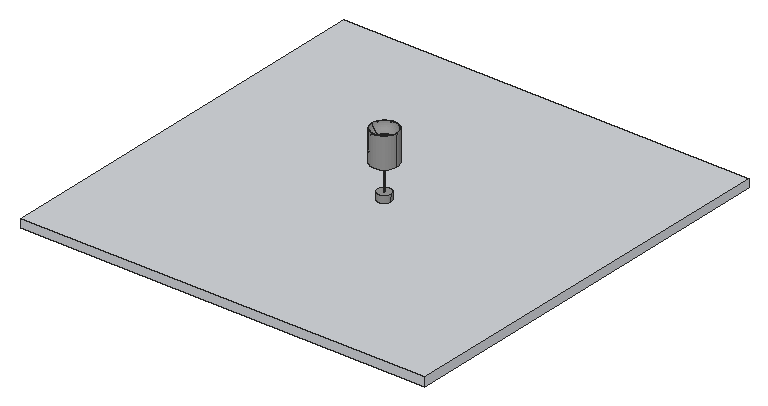
Revit family "LAMP_KOMBIC 150 SURFACE TW OPAL", category Luminarias, Revit 2018
Family settings
  Anfitrión = Cara
  Cota de conector redondo = Diámetro de uso
  Tipo de pieza = Normal
  Corte con vacíos al cargar = No
  Origen de luz = Sí
  Compartido = No
  Punto de cálculo de habitación = No
Parameters (values of type "1727LM 2700-5000K DALI M/B")
  Ángulo de inclinación = -90.00°
  Weight = 1.588 kg
  UGR = ""
  Type = "COB BRIDGELUX"
  Protection rating = "IP40"
  Product datasheet = "http://www.lamp.es/product-files/TECH/K21SF3040OP9TWDMB-EN.pdf"
  Product code = "K21SF3040OP9TWDMB"
  Product URL = "https://www.lamp.es/en/family/kombic-surface_474354"
  Power Supply = "220-240V 50/60Hz"
  Power = 20 W
  Plum = 23.6 W
  Modelo = Product code  # "K21SF3040OP9TWDMB"
  Model explanation = "Possibility of chossing between surface or suspended within the model"
  Material reflector = LAMP_PC Reflector Kombic Metalizado Negro
  Material floron = LAMP_Plástico genérico NG
  Material difusor = LAMP_PMMA Difusor Kombic
  Material cuerpo = LAMP_Plástico genérico NG
  Material cable suspension = LAMP_Acero genérico
  Manufacturer name = "LAMP"
  Manufacturer country = "Spain"
  Manufacturer URL = "http://www.lamp.es/en"
  MacAdam = "3"
  Luminaire type = "Suspended"
  Last update = "14/10/2021"
  Lamp = "COB LED"
  LED Lifetime = "50.000 L80 B10"
  Insulation class = "II"
  Installation instructions = "https://www.lamp.es/product-files/packed/by-family/474354_INS_all.zip"
  Initial color = "2700-5000"
  IEE = "A"
  Height suspension [instance] = 200 mm
  Height distance [instance] = if(Surface, 0.1 mm, if(Ceiling rose, if(Height suspension > 38 mm, if(Height suspension < 2000 mm, Height suspension, 2000 mm), 38 mm), 37 mm))  # 200 mm
  Wattage = 23.6 W
  built-in parameter 1150107 = 3000 (stored number, unit not read)
  Surface [instance] = no
  built-in parameter 1150110 = 1 (stored number, unit not read)
  built-in parameter 1150109 = 1 (stored number, unit not read)
  built-in parameter 1150112 = 1 (stored number, unit not read)
  built-in parameter 1150113 = 1 (stored number, unit not read)
  built-in parameter 1114218 = 1 (stored number, unit not read)
  built-in parameter 1150137 = (empty or 0)
  built-in parameter 1150132 = 2
  built-in parameter 1150105 = 1973.1 (stored number, unit not read)
  built-in parameter 1150102 = (empty or 0)
  built-in parameter 1150106 = 19.731 (stored number, unit not read)
  Height = 180 mm
  Gear = "Electronic"
  Lumens = 1727.52 lm
  Finish = "Matte black RAL 9011"
  Color Filter = 16777215
  built-in parameter 1114217 = 1 (stored number, unit not read)
  built-in parameter 1150139 = (empty or 0)
  Fabricante = Manufacturer name  # "LAMP"
  Default Elevation = 1219.2 mm
  built-in parameter 1150104 = 6.8005 (stored number, unit not read)
  Efficacy = 73.2 lm/W
  Diameter = 150 mm
  built-in parameter 1150115 = 1 (stored number, unit not read)
  built-in parameter 1150114 = 1 (stored number, unit not read)
  built-in parameter 1150138 = (empty or 0)
  built-in parameter 1150134 = (empty or 0)
  Ceiling rose [instance] = not(Surface)  # yes
  Dimming Lamp Color Temperature Shift = (empty or 0)
  CRI = "90"
  Archivo de red fotométrica = "K21SF3040OP9TWDMB.IES"
  built-in parameter 1150133 = 10 (stored number, unit not read)
Types (6, lengths in mm): name | Product datasheet | Product code | Modelo | Material reflector | Material floron | Material cuerpo | built-in parameter 1150105 | built-in parameter 1150106 | Lumens | Finish | built-in parameter 1150104 | Efficacy | Archivo de red fotométrica
  1727LM 2700-5000K DALI M/B | "http://www.lamp.es/product-files/TECH/K21SF3040OP9TWDMB-EN.pdf" | "K21SF3040OP9TWDMB" | "K21SF3040OP9TWDMB" | LAMP_PC Reflector Kombic Metalizado Negro | LAMP_Plástico genérico NG | LAMP_Plástico genérico NG | 1973.1 (stored number, unit not read) | 19.731 (stored number, unit not read) | 1727.52 lm | "Matte black RAL 9011" | 6.8005 (stored number, unit not read) | 73.2 lm/W | "K21SF3040OP9TWDMB.IES"
  1727LM 2700-5000K DALI M/W | "http://www.lamp.es/product-files/TECH/K21SF3040OP9TWDMW-EN.pdf" | "K21SF3040OP9TWDMW" | "K21SF3040OP9TWDMW" | LAMP_PC Reflector Kombic Metalizado Negro | LAMP_Plástico genérico BL | LAMP_Plástico genérico BL | 1973.1 (stored number, unit not read) | 19.731 (stored number, unit not read) | 1727.52 lm | "Matte white RAL 9010" | 6.8005 (stored number, unit not read) | 73.2 lm/W | "K21SF3040OP9TWDMW.IES"
  1798LM 2700-5000K DALI W/B | "http://www.lamp.es/product-files/TECH/K21SF3040OP9TWDWB-EN.pdf" | "K21SF3040OP9TWDWB" | "K21SF3040OP9TWDWB" | LAMP_PC Reflector Kombic Metalizado Mate | LAMP_Plástico genérico NG | LAMP_Plástico genérico NG | 2053.9 (stored number, unit not read) | 20.539 (stored number, unit not read) | 1798.32 lm | "Matte black RAL 9011" | 7.0792 (stored number, unit not read) | 76.2 lm/W | "K21SF3040OP9TWDWB.IES"
  1798LM 2700-5000K DALI W/W | "http://www.lamp.es/product-files/TECH/K21SF3040OP9TWDWW-EN.pdf" | "K21SF3040OP9TWDWW" | "K21SF3040OP9TWDWW" | LAMP_PC Reflector Kombic Metalizado Mate | LAMP_Plástico genérico BL | LAMP_Plástico genérico BL | 2053.9 (stored number, unit not read) | 20.539 (stored number, unit not read) | 1798.32 lm | "Matte white RAL 9010" | 7.0792 (stored number, unit not read) | 76.2 lm/W | "K21SF3040OP9TWDWW.IES"
  1815LM 2700-5000K DALI BR/B | "http://www.lamp.es/product-files/TECH/K21SF3040OP9TWDRB-EN.pdf" | "K21SF3040OP9TWDRB" | "K21SF3040OP9TWDRB" | LAMP_PC Reflector Kombic Blanco | LAMP_Plástico genérico NG | LAMP_Plástico genérico NG | 2072.8 (stored number, unit not read) | 20.728 (stored number, unit not read) | 1814.84 lm | "Matte black RAL 9011" | 7.1442 (stored number, unit not read) | 76.9 lm/W | "K21SF3040OP9TWDRB.IES"
  1815LM 2700-5000K DALI BR/W | "http://www.lamp.es/product-files/TECH/K21SF3040OP9TWDRW-EN.pdf" | "K21SF3040OP9TWDRW" | "K21SF3040OP9TWDRW" | LAMP_PC Reflector Kombic Blanco | LAMP_Plástico genérico BL | LAMP_Plástico genérico BL | 2072.8 (stored number, unit not read) | 20.728 (stored number, unit not read) | 1814.84 lm | "Matte white RAL 9010" | 7.1442 (stored number, unit not read) | 76.9 lm/W | "K21SF3040OP9TWDRW.IES"
Reference planes
  plane 1 "Centro (Frontal/Posterior)": y = 0
  plane 2: z = 0
  plane 3 "Centro (Izquierda/Derecha)": x = 0
Forms (mm)
  Extrusion 1, solid
    sketch origin (0, 0, 0) x (1, 0, 0) y (0, 1, 0)
      loop
        line (-1219.2, 1219.2) -> (-1219.2, -1219.2) -> (1219.2, -1219.2) -> (1219.2, 1219.2) -> (-1219.2, 1219.2)
    from 0 to -50
  Extrusion 2, solid, material "LAMP_Plástico genérico NG" <- "Material cuerpo"
    sketch origin (0, 0, 0) x (1, 0, 0) y (0, 1, 0)
      loop
        circle (0, 0) r 77.5
    from 200 to 380
  Extrusion 3, void
    sketch origin (0, 0, 0) x (1, 0, 0) y (0, 1, 0)
      loop
        circle (0, 0) r 76.5
    from 270.588 to 380
  Sweep 4, solid, material "LAMP_PC Reflector Kombic Metalizado Negro" <- "Material reflector"
    path origin (105.103, -251.845, 380) x (1, 0, 0) y (0, 1, 0)
      loop
        circle (-105.103, 251.959) r 48
    profile origin (0, 48.114, 380) x (0, -1, 0) y (0, 0, 1)
      loop
        arc (-28.386, 0) -> (-15.5, -31.664) -> (14.364, -48.3) r 51.542
        line (14.364, -48.3) -> (14.364, -47.3)
        arc (14.364, -47.3) -> (-14.949, -31.098) -> (-27.386, 0) r 49.836
        line (-27.386, 0) -> (-28.386, 0)
  Extrusion 5, solid, material "LAMP_PMMA Difusor Kombic" <- "Material difusor"
    sketch origin (0, 0, 0) x (1, 0, 0) y (0, 1, 0)
      loop
        circle (0, 0) r 33.636
    from 331.7 to 332.7
  Extrusion 6, solid, material "LAMP_Plástico genérico NG" <- "Material floron", visible <- "Ceiling rose"
    sketch origin (0, 0, 0) x (1, 0, 0) y (0, 1, 0)
      loop
        circle (0, 0) r 42
    from 0 to 37
  Extrusion 7, solid, material "LAMP_Acero genérico" <- "Material cable suspension", visible <- "Ceiling rose"
    sketch origin (0, 0, 0) x (1, 0, 0) y (0, 1, 0)
      loop
        circle (0, 0) r 1
    from 37 to 200
Cuts and joins
  Extrusion 3 cuts Extrusion 2
Text (mm)
  text "Any modification of the parameters and properties of the LAMP BIM models must be executed and validated by the LAMP technical department.\nPhone: +34 93 736 68 00\nE-mail: lamp@lamp.es\n\nLAMP reserves the right to modify the technical specifications of its products." at (1856.491, -4316.333, -2622.127), in view "Preview"
Dimensions and locks
  "Height distance": Extrusion 2 to Extrusion 1
  locked: Extrusion 2 to Extrusion 2 at 180
  locked: cut or joined group of Extrusion 2, Extrusion 3 to cut or joined group of Extrusion 2, Extrusion 3 at 109.412
  aligned and locked: plane 2 to Extrusion 1
  aligned and locked: level to Extrusion 1
  aligned and locked: Extrusion 2 to Extrusion 3
  aligned and locked: Extrusion 7 to Extrusion 6
  aligned and locked: Extrusion 7 to cut or joined group of Extrusion 2, Extrusion 3
  aligned and locked: imposter light to cut or joined group of Extrusion 2, Extrusion 3
  aligned and locked: Extrusion 5 to Sweep 4  (x2)
Automatic sketch dimensions
  Extrusion 1 sketch curve to Extrusion 1 sketch curve = 2438.4 mm  (x2)
  plane 1 "Centro (Frontal/Posterior)" to Extrusion 2 sketch curve = 0 mm
  Extrusion 2 sketch curve to plane 3 "Centro (Izquierda/Derecha)" = 0 mm
  plane 1 "Centro (Frontal/Posterior)" to Extrusion 3 sketch curve = 0 mm
  Extrusion 3 sketch curve to plane 3 "Centro (Izquierda/Derecha)" = 0 mm
  plane 1 "Centro (Frontal/Posterior)" to Extrusion 6 sketch curve = 0 mm
  Extrusion 6 sketch curve to plane 3 "Centro (Izquierda/Derecha)" = 0 mm
  plane 1 "Centro (Frontal/Posterior)" to Extrusion 7 sketch curve = 0 mm
  Extrusion 7 sketch curve to plane 3 "Centro (Izquierda/Derecha)" = 0 mm
  Sweep 4 sketch curve to profile plane = 0 mm
  profile plane to Sweep 4 sketch curve = 28.386 mm
  profile plane to Sweep 4 sketch curve = 1.881 mm
  Sweep 4 sketch curve to profile plane = 22.414 mm
  Sweep 4 sketch curve to Sweep 4 sketch curve = 0.681 mm
  Sweep 4 sketch curve to Sweep 4 sketch curve = 1 mm  (x2)
  Sweep 4 sketch curve to profile plane = 14.364 mm
  plane 1 "Centro (Frontal/Posterior)" to Extrusion 5 sketch curve = 0 mm
  Extrusion 5 sketch curve to plane 3 "Centro (Izquierda/Derecha)" = 0 mm
  radius of Extrusion 2 sketch curve = 77.5 mm
  radius of Extrusion 3 sketch curve = 76.5 mm
  radius of Sweep 4 sketch curve = 48 mm
  radius of Extrusion 6 sketch curve = 42 mm
  radius of Extrusion 7 sketch curve = 1 mm
  radius of Extrusion 5 sketch curve = 33.636 mm
Connectors
  electrical at (0, 0, 200)
    settings: on cut or joined group of Extrusion 2, Extrusion 3, index 1, voltage 230 V, apparent load 0 VA, apparent load phase1 0 VA, apparent load phase2 0 VA, apparent load phase3 0 VA, power factor 1, load classification "Otro", number of poles 1, system type 31, power factor state 1, is connector primary yes, connector utility no, sub classification motor no, connector description ""
